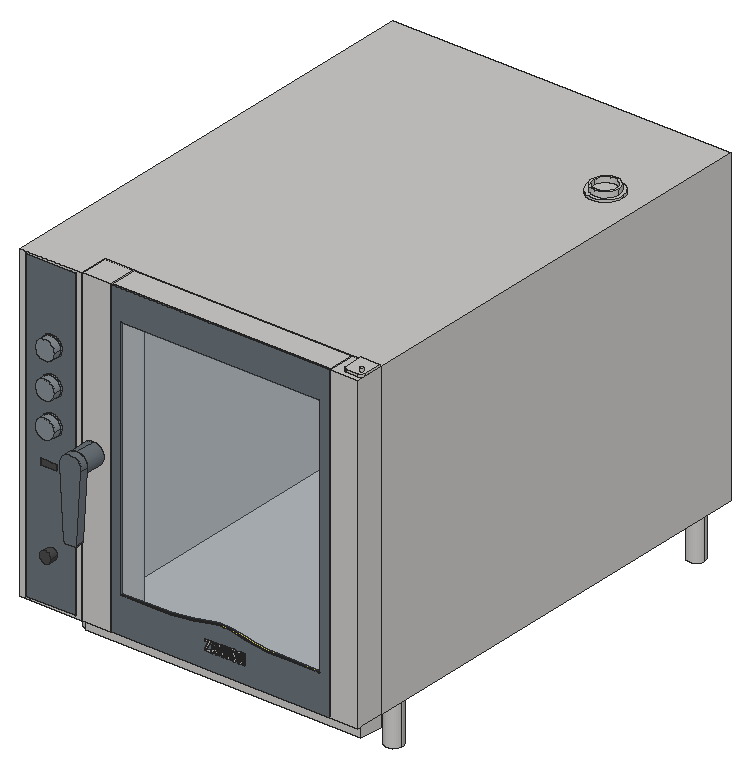
Revit family "QF_ZANUSSI_240456_ZFCE12CSDS", category Specialty Equipment, Revit 2023
Family settings
  Round Connector Dimension = Use Diameter
  Part Type = Normal
  Work Plane-Based = No
  Enable Cutting in Views = No
  Always vertical = Yes
  Cut with Voids When Loaded = No
  Maintain Annotation Orientation = No
  Shared = No
  Room Calculation Point = No
Parameters (values of type "Standard")
  Weight = 147.00 kg
  Watts = 0 W
  Volts = 380 V
  URL Manufacturer = "http://www.zanussiprofessional.com"
  URL = "http://www.zanussiprofessional.com"
  Steam Supply Size = 0 mm
  Steam Supply Minimum Pressure = 0.0 Pa
  Steam Supply Maximum Pressure = 0.0 Pa
  Steam Consumption per Hour = 0
  Show Logo [instance] = yes
  Show Clearance [instance] = yes
  Refrigeration Suction Line Size = 0 mm
  Refrigeration Liquid Line Size = 0 mm
  Refrigerant Compressor Remote = yes
  Default Elevation = 0 mm
  Manufacturer = "Zanussi"
  Phase = 3
  Model = "ZFCE12CSDS"
  Length Actual = 890 mm
  Item Number = "240456"
  Hot Water Size = 0 mm
  Height Actual = 970 mm
  HP = "32.9 HP"
  Gas Size = 12.7 mm
  Gas KW = 0
  Gas Input Pressure = 0.0585289 W
  Direct Waste Size = 25 mm
  Description = "CONVECTION OVEN CW 10 GN 2/1 - ELECTRIC"
  Depth Actual = 1215 mm
  Cycle = 50 Hz
  Condensate Return Size = 0 mm
  Compressed Air Volume = 0.0 L/s
  Compressed Air Size = 0 mm
  Compressed Air Pressure = 0.0 Pa
  Cold Water Size = 19.05 mm
  Accessory = no
Reference planes
  plane 1 "Center X": y = -61.149
  plane 2: z = 0
  plane 3 "Center Y": x = -330
  plane 4 "LEFT": x = -775
  plane 5 "BACK": y = 551.351
  plane 6 "RIGHT": x = 115
  plane 7 "FRONT": y = -673.649
  plane 8 "FeetLeft": x = -725
  plane 9: y = 501.351
  plane 10 "DoorDepth": y = -598.649
  plane 11 "FeetRight": x = 65
  plane 12 "BASE": z = 130
  plane 13 "TOP": z = 950
  plane 14: z = 0
  plane 15 "FeetFront": y = -493.649
  plane 16: z = 968
  plane 17: y = -433.649
  plane 18 "Drain_X": x = -349
  plane 19 "Drain_Y": y = 181.351
  plane 20 "EI_x": x = -675
  plane 21 "EI_y": y = -418.649
  plane 22 "CWI_x": x = -690
  plane 23: y = -1354.649
  plane 24 "CWI_y": y = -53.649
  plane 25: y = 264.351
  plane 26: x = 15
Forms (mm)
  Extrusion 1, solid, material "QF_Finishes_Stainless Steel"
    sketch origin (0, 73.5, 130) x (-1, 0, 0) y (0, -1, 0)
      loop
        circle (690, 127.149) r 13.2
    from -5 to 0
  Extrusion 2, solid, material "QF_Finishes_Stainless Steel"
    sketch origin (0, 57.5, 130) x (-1, 0, 0) y (0, -1, 0)
      loop
        circle (675, 476.149) r 13.25
    from -5 to 0
  Extrusion 3, solid, material "QF_Finishes_Stainless Steel"
    sketch origin (89, -125, 130) x (-1, 0, 0) y (0, -1, 0)
      loop
        circle (438, -306.351) r 13.25
    from -5 to 0
  Extrusion 4, solid, material "QF_Finishes_Black"
    sketch origin (0, -673.649, 77) x (-1, 0, 0) y (0, 0, 1)
      loop
        circle (691.941, 183.023) r 15
    from 0 to -20
  Extrusion 5, solid, material "QF_Finishes_Stainless Steel"
    sketch origin (15, -153.5, 130) x (-1, 0, 0) y (0, -1, 0)
      loop
        circle (705, -4.851) r 13.25
    from -5 to 0
  Extrusion 6, solid, material "QF_Finishes_Zanussi_Soft Gray"
    sketch origin (0, -673.649, -96) x (-1, 0, 0) y (0, 0, 1)
      loop
        circle (691, 845.824) r 26.676
    from 0 to -3
  Blend 7, solid, material "QF_Finishes_Zanussi_Soft Gray"
    base sketch origin (0, -673.649, -96) x (-1, 0, 0) y (0, 0, 1)
      loop
        circle (691, 845.824) r 25
    top sketch origin (0, -673.649, -96) x (-1, 0, 0) y (0, 0, 1)
      loop
        circle (691, 845.824) r 24.8
    from -3 to -23
  Extrusion 8, solid, material "QF_Finishes_Zanussi_Soft Gray"
    sketch origin (0, -673.649, -105) x (-1, 0, 0) y (0, 0, 1)
      loop
        circle (691, 760.824) r 26.676
    from 0 to -3
  Blend 9, solid, material "QF_Finishes_Zanussi_Soft Gray"
    base sketch origin (0, -673.649, -105) x (-1, 0, 0) y (0, 0, 1)
      loop
        circle (691, 760.824) r 25
    top sketch origin (0, -673.649, -105) x (-1, 0, 0) y (0, 0, 1)
      loop
        circle (691, 760.824) r 24.8
    from -3 to -23
  Extrusion 10, solid, material "QF_Finishes_Zanussi_Soft Gray"
    sketch origin (0, -673.649, 183) x (-1, 0, 0) y (0, 0, 1)
      loop
        circle (691, 380.824) r 26.676
    from 0 to -3
  Blend 11, solid, material "QF_Finishes_Zanussi_Soft Gray"
    base sketch origin (0, -673.649, 183) x (-1, 0, 0) y (0, 0, 1)
      loop
        circle (691, 380.824) r 25
    top sketch origin (0, -673.649, 183) x (-1, 0, 0) y (0, 0, 1)
      loop
        circle (691, 380.824) r 24.8
    from -3 to -23
  Extrusion 12, solid, material "QF_Finishes_Stainless Steel"
    sketch origin (0, 0, 130) x (-1, 0, 0) y (0, -1, 0)
      loop
        line (775, -551.351) -> (775, 673.649) -> (612, 673.649) -> (612, 598.649) -> (-115, 598.649) -> (-115, -551.351) -> (775, -551.351)
    from 820 to 0
  Extrusion 13, solid, material "QF_Finishes_Zanussi_Dark Gray"
    sketch origin (0, -673.649, 0) x (-1, 0, 0) y (0, 0, 1)
      loop
        line (760, 945) -> (627, 945) -> (627, 135) -> (760, 135) -> (760, 945)
      loop
        line (677.941, 475.023) -> (677.941, 460.023) -> (720.941, 460.023) -> (720.941, 475.023) -> (677.941, 475.023)
    from 0 to 5
  Extrusion 14, void
    sketch origin (0, -673.649, 0) x (-1, 0, 0) y (0, 0, 1)
      loop
        line (760, 945) -> (627, 945) -> (627, 135) -> (760, 135) -> (760, 945)
    from 0 to 5
  Extrusion 15, void
    sketch origin (0, -673.649, 0) x (-1, 0, 0) y (0, 0, 1)
      loop
        line (-87.826, 145) -> (609, 145) -> (609, 930) -> (-87.826, 930) -> (-87.826, 145)
    from 1200 to 75
  Extrusion 16, solid, material "QF_Finishes_Black"
    sketch origin (-5, -673.649, 195) x (-1, 0, 0) y (0, 0, 1)
      loop
        line (715.941, 280.023) -> (672.941, 280.023) -> (672.941, 265.023) -> (715.941, 265.023) -> (715.941, 280.023)
    from 5 to 0
  Extrusion 17, solid, material "QF_Clearances", detail levels coarse
    sketch origin (0, 0, 0) x (1, 0, 0) y (0, 1, 0)
      loop
        line (-825, -673.649) -> (-775, -673.649) -> (-775, 551.351) -> (115, 551.351) -> (115, -673.649) -> (165, -673.649) -> (165, 601.351) -> (-825, 601.351) -> (-825, -673.649)
    from 950 to 0
  Extrusion 18, solid, material "QF_Finishes_Stainless Steel"
    sketch origin (0, 0, 950) x (-1, 0, 0) y (0, -1, 0)
      loop
        circle (-15, -264.351) r 45
    from 5 to 0
  Extrusion 19, solid, material "QF_Finishes_Stainless Steel"
    sketch origin (0, 0, 950) x (-1, 0, 0) y (0, -1, 0)
      loop
        circle (-15, -264.351) r 35
      loop
        circle (-15, -264.351) r 30
    from 5 to 18
Cuts and joins
  Extrusion 14, Extrusion 15 cuts Extrusion 12
Lines and regions (mm)
  symbolic lines
    curve 1: line (-775, -673.649, 1620) -> (-775, 551.351, 1620)
    curve 2: line (-775, 551.351, 1620) -> (115, 551.351, 1620)
    curve 3: line (-612, -598.649, 1620) -> (115, -598.649, 1620)
    curve 4: line (-612, -598.649, 1620) -> (-612, -673.649, 1620)
    curve 5: line (-775, -673.649, 1620) -> (-612, -673.649, 1620)
    curve 6: line (-719.676, -676.649, 1620) -> (-665.324, -676.649, 1620)
    curve 7: line (-719.676, -676.649, 1620) -> (-719.676, -673.649, 1620)
    curve 8: line (-665.324, -676.649, 1620) -> (-665.324, -673.649, 1620)
    curve 9: line (115, 551.351, 1620) -> (115, -673.649, 1620)
    curve 10: line (-717.863, -696.649, 684) -> (-667.2, -696.649, 684)
    curve 11: line (-717.863, -696.649, 684) -> (-718, -676.649, 684)
    curve 12: line (-667.2, -696.649, 684) -> (-667, -676.649, 684)
    curve 18: circle (15, 264.351, 950) r 45 normal (0, 0, 1)
    curve 19: circle (15, 264.351, 950) r 35 normal (0, 0, 1)
    curve 20: circle (15, 264.351, 950) r 30 normal (0, 0, -1)
  symbolic lines, style "QF_Clearances", detail levels coarse
    curve 13: line (-825, -673.649, 0) -> (-825, 601.351, 0)
    curve 14: line (-825, 601.351, 0) -> (165, 601.351, 0)
    curve 15: line (165, 601.351, 0) -> (165, -673.649, 0)
    curve 16: line (165, -673.649, 0) -> (115, -673.649, 0)
    curve 17: line (-825, -673.649, 0) -> (-768.438, -673.649, 0)
Dimensions and locks
  equal spacing: plane 4 "LEFT", plane 3 "Center Y", plane 6 "RIGHT"
  equal spacing: plane 5 "BACK", plane 1 "Center X", plane 7 "FRONT"
  plane 12 "BASE" to plane 14 = 130 mm
  plane 13 "TOP" to plane 12 "BASE" = 820 mm
  plane 13 "TOP" to plane 14 = 950 mm
  plane 5 "BACK" to plane 9 = 50 mm
  plane 9 to plane 15 "FeetFront" = 995 mm
  locked: plane 15 "FeetFront" to plane 7 "FRONT" at 180
  plane 16 to plane 13 "TOP" to plane 12 "BASE" to level = 18 mm, 820 mm, 130 mm
  plane 16 to level = 968 mm
  plane 17 to plane 7 "FRONT" = 240 mm
  plane 5 "BACK" to plane 19 "Drain_Y" = 370 mm
  plane 4 "LEFT" to plane 18 "Drain_X" = 426 mm
  plane 4 "LEFT" to plane 20 "EI_x" = 100 mm
  plane 5 "BACK" to plane 21 "EI_y" = 970 mm
  plane 4 "LEFT" to plane 22 "CWI_x" = 85 mm
  plane 5 "BACK" to plane 23 = 1906 mm
  plane 5 "BACK" to plane 24 "CWI_y" = 605 mm
  locked: plane 10 "DoorDepth" to plane 7 "FRONT" at 75
  plane 8 "FeetLeft" to plane 4 "LEFT" = 50 mm
  plane 6 "RIGHT" to plane 11 "FeetRight" = 50 mm
  plane 11 "FeetRight" to plane 8 "FeetLeft" = 790 mm
  plane 5 "BACK" to plane 7 "FRONT" = 1225 mm
  plane 4 "LEFT" to plane 6 "RIGHT" = 890 mm
  plane 5 "BACK" to plane 25 = 287 mm
  plane 16 to plane 13 "TOP" = 18 mm
  plane 26 to plane 6 "RIGHT" = 100 mm
  aligned and locked: level to plane 2
  aligned and locked: plane 12 "BASE" to nested 1
  aligned and locked: plane 12 "BASE" to nested 2
  aligned and locked: plane 12 "BASE" to nested 4
  aligned and locked: plane 12 "BASE" to nested 3
  aligned and locked: nested 5 to plane 10 "DoorDepth"
  aligned and locked: nested 5 to plane 12 "BASE"
  aligned and locked: plane 6 "RIGHT" to nested 5
  aligned and locked: plane 8 "FeetLeft" to nested 4
  aligned and locked: plane 11 "FeetRight" to nested 2
  aligned and locked: plane 11 "FeetRight" to nested 3
  aligned and locked: nested 4 to plane 9
  aligned and locked: nested 3 to plane 9
  aligned and locked: plane 15 "FeetFront" to nested 1
  aligned and locked: plane 15 "FeetFront" to nested 2
Automatic sketch dimensions
  Extrusion 2 sketch curve to plane 20 "EI_x" = 0 mm
  Extrusion 2 sketch curve to plane 21 "EI_y" = 0 mm
  Extrusion 3 sketch curve to plane 18 "Drain_X" = 0 mm
  Extrusion 3 sketch curve to plane 19 "Drain_Y" = 0 mm
  plane 12 "BASE" to Extrusion 4 sketch curve = 130.023 mm
  Extrusion 6 sketch curve to plane 13 "TOP" = 200.176 mm
  Blend 7 sketch curve to plane 13 "TOP" = 200.176 mm  (x2)
  Extrusion 8 sketch curve to plane 13 "TOP" = 294.176 mm
  Blend 9 sketch curve to plane 13 "TOP" = 294.176 mm  (x2)
  plane 12 "BASE" to Extrusion 10 sketch curve = 433.824 mm
  plane 12 "BASE" to Blend 11 sketch curve = 433.824 mm  (x2)
  Extrusion 12 sketch curve to plane 5 "BACK" = 0 mm
  Extrusion 12 sketch curve to plane 6 "RIGHT" = 0 mm
  Extrusion 12 sketch curve to plane 10 "DoorDepth" = 0 mm
  Extrusion 12 sketch curve to plane 7 "FRONT" = 0 mm
  Extrusion 12 sketch curve to plane 4 "LEFT" = 0 mm
  plane 20 "EI_x" to Extrusion 12 sketch curve = 63 mm
  Extrusion 14 sketch curve to plane 13 "TOP" = 5 mm
  plane 20 "EI_x" to Extrusion 14 sketch curve = 48 mm
  Extrusion 14 sketch curve to plane 8 "FeetLeft" = 35 mm
  plane 12 "BASE" to Extrusion 14 sketch curve = 5 mm
  Extrusion 15 sketch curve to plane 13 "TOP" = 20 mm
  plane 11 "FeetRight" to Extrusion 15 sketch curve = 22.826 mm
  plane 20 "EI_x" to Extrusion 15 sketch curve = 66 mm
  plane 12 "BASE" to Extrusion 15 sketch curve = 15 mm
  Extrusion 13 sketch curve to plane 13 "TOP" = 5 mm
  plane 20 "EI_x" to Extrusion 13 sketch curve = 48 mm
  Extrusion 13 sketch curve to plane 20 "EI_x" = 2.941 mm
  plane 8 "FeetLeft" to Extrusion 13 sketch curve = 4.059 mm
  plane 4 "LEFT" to Extrusion 13 sketch curve = 15 mm
  plane 12 "BASE" to Extrusion 13 sketch curve = 345.023 mm
  Extrusion 13 sketch curve to Extrusion 13 sketch curve = 15 mm
  plane 12 "BASE" to Extrusion 13 sketch curve = 5 mm
  Extrusion 16 sketch curve to plane 20 "EI_x" = 2.941 mm
  plane 8 "FeetLeft" to Extrusion 16 sketch curve = 4.059 mm
  plane 12 "BASE" to Extrusion 16 sketch curve = 330.023 mm
  Extrusion 16 sketch curve to Extrusion 16 sketch curve = 15 mm
  curve 3 to plane 10 "DoorDepth" = 0 mm
  curve 5 to plane 7 "FRONT" = 0 mm
  curve 2 to plane 4 "LEFT" = 0 mm
  curve 1 to plane 5 "BACK" = 0 mm
  plane 20 "EI_x" to curve 3 = 63 mm
  curve 8 to plane 7 "FRONT" = 3 mm
  plane 20 "EI_x" to curve 8 = 9.676 mm
  plane 8 "FeetLeft" to curve 6 = 5.324 mm
  curve 9 to plane 6 "RIGHT" = 0 mm
  curve 9 to plane 7 "FRONT" = 0 mm
  Extrusion 17 sketch curve to plane 7 "FRONT" = 0 mm  (x2)
  Extrusion 17 sketch curve to plane 4 "LEFT" = 0 mm
  Extrusion 17 sketch curve to plane 5 "BACK" = 0 mm
  Extrusion 17 sketch curve to plane 6 "RIGHT" = 0 mm
  Extrusion 17 sketch curve to Extrusion 17 sketch curve = 50 mm
  plane 6 "RIGHT" to Extrusion 17 sketch curve = 50 mm
  plane 5 "BACK" to Extrusion 17 sketch curve = 50 mm
  Extrusion 1 sketch curve to plane 22 "CWI_x" = 0 mm
  Extrusion 1 sketch curve to plane 24 "CWI_y" = 0 mm
  plane 20 "EI_x" to curve 12 = 7.8 mm
  curve 12 to plane 7 "FRONT" = 23 mm
  curve 12 to plane 7 "FRONT" = 3 mm
  plane 20 "EI_x" to curve 12 = 8 mm
  plane 8 "FeetLeft" to curve 11 = 7.137 mm
  curve 11 to plane 7 "FRONT" = 3 mm
  plane 8 "FeetLeft" to curve 11 = 7 mm
  curve 13 to plane 7 "FRONT" = 0 mm
  curve 16 to plane 6 "RIGHT" = 0 mm
  curve 15 to plane 7 "FRONT" = 0 mm
  curve 17 to plane 4 "LEFT" = 50 mm
  plane 6 "RIGHT" to curve 15 = 50 mm
  plane 5 "BACK" to curve 13 = 50 mm
  plane 4 "LEFT" to curve 17 = 6.562 mm
  plane 1 "Center X" to Extrusion 5 sketch curve = 87.5 mm
  Extrusion 4 sketch curve to plane 22 "CWI_x" = 1.941 mm
  Extrusion 5 sketch curve to plane 22 "CWI_x" = 0 mm
  Extrusion 6 sketch curve to plane 22 "CWI_x" = 1 mm
  Blend 7 sketch curve to plane 22 "CWI_x" = 1 mm  (x2)
  Extrusion 8 sketch curve to plane 22 "CWI_x" = 1 mm
  Blend 9 sketch curve to plane 22 "CWI_x" = 1 mm  (x2)
  Extrusion 10 sketch curve to plane 22 "CWI_x" = 1 mm
  Blend 11 sketch curve to plane 22 "CWI_x" = 1 mm  (x2)
  Extrusion 18 sketch curve to plane 25 = 0 mm
  Extrusion 18 sketch curve to plane 26 = 0 mm
  Extrusion 19 sketch curve to Extrusion 19 sketch curve = 0 mm  (x2)
  Extrusion 19 sketch curve to plane 25 = 0 mm
  Extrusion 19 sketch curve to plane 26 = 0 mm
  curve 18 to curve 19 = 0 mm  (x2)
  curve 18 to curve 20 = 0 mm  (x2)
  curve 19 to curve 20 = 0 mm  (x2)
  curve 19 to plane 25 = 0 mm
  curve 19 to plane 26 = 0 mm
  radius of Extrusion 2 sketch curve = 13.25 mm
  radius of Extrusion 3 sketch curve = 13.25 mm
  radius of Extrusion 4 sketch curve = 15 mm
  radius of Extrusion 5 sketch curve = 13.25 mm
  radius of Extrusion 6 sketch curve = 26.676 mm
  radius of Blend 7 sketch curve = 25 mm
  radius of Blend 7 sketch curve = 24.8 mm
  radius of Extrusion 8 sketch curve = 26.676 mm
  radius of Blend 9 sketch curve = 25 mm
  radius of Blend 9 sketch curve = 24.8 mm
  radius of Extrusion 10 sketch curve = 26.676 mm
  radius of Blend 11 sketch curve = 25 mm
  radius of Blend 11 sketch curve = 24.8 mm
  radius of Extrusion 1 sketch curve = 13.2 mm
  radius of Extrusion 18 sketch curve = 45 mm
  radius of Extrusion 19 sketch curve = 35 mm
  radius of Extrusion 19 sketch curve = 30 mm
  radius of curve 18 = 45 mm
  radius of curve 19 = 35 mm
  radius of curve 20 = 30 mm
Nested families
  nested 1: "Foot" at (-725, -493.649, 0), type "Foot"
    with Ø 22 mm, H 130 mm
  nested 2: "Foot" at (65, -493.649, 0), type "Foot"
    with Ø 22 mm, H 130 mm
  nested 3: "Foot" at (65, 501.351, 0), type "Foot"
    with Ø 22 mm, H 130 mm
  nested 4: "Foot" at (-725, 501.351, 0), type "Foot"
    with Ø 22 mm, H 130 mm
  nested 5: "ZAN_DOOR_CROSSWISE_H820" at (115, -601.649, 0), type "ZAN_DOOR_CROSSWISE_H820"
    with Show Clearance yes
Connectors
  piping at (-349, 181.351, 125), diameter 25, driven by "Direct Waste Size"
    settings: on Extrusion 3, index 6, connector inside diameter 609.6 mm, connector length 0 mm, flow factor 0, pipe flow 0.0 L/s, pressure drop 0.0 Pa, fitting loss kfactor 0, connector angle 0.00°, fixture units 0, engagement length 0 mm, angle of deflection 0.00°, flow configuration 0, flow direction 2, fitting loss method 0, system type 16, joint type 0, gender type 0, connector reference index -1, connector utility 0, adjustable connector no, is connector primary yes, connector description "Drain"
  electrical at (-675, -418.649, 125)
    settings: on Extrusion 2, index 7, voltage 0 V, apparent load 0 VA, apparent load phase1 0 VA, apparent load phase2 0 VA, apparent load phase3 0 VA, power factor 1, load classification "Altro", number of poles 1, system type 30, power factor state 1, is connector primary yes, connector utility no, sub classification motor no, connector description "Electrical Connection"
  piping at (-690, -53.649, 125), diameter 19.05, driven by "Cold Water Size"
    settings: on Extrusion 1, index 8, connector inside diameter 609.6 mm, connector length 0 mm, flow factor 0, pipe flow 0.0 L/s, pressure drop 0.0 Pa, fitting loss kfactor 0, connector angle 0.00°, fixture units 0, engagement length 0 mm, angle of deflection 0.00°, flow configuration 0, flow direction 1, fitting loss method 0, system type 20, joint type 0, gender type 0, connector reference index -1, connector utility 0, adjustable connector no, is connector primary no, connector description "Cold Water Inlet"
Definition of nested family "Foot"
  Parameters
    Ø [instance] = 20 mm
    Default Elevation = 0 mm
    H [instance] = 50 mm
  Reference planes
    plane 1 "Centro (Fronte/Retro)": y = 0
    plane 2: z = 0
    plane 3 "Centro (Sinistra/Destra)": x = 0
    plane 4: z = 50
  Forms (mm)
    Revolve 1, solid
      sketch origin (255.05, 0, 608.09) x (0, 0, 1) y (-1, 0, 0)
        loop
          line (-608.09, 255.05) -> (-608.09, 235.05) -> (-558.09, 235.05) -> (-558.09, 255.05) -> (-608.09, 255.05)
        axis (-608.09, 255.05) -> (-558.09, 255.05)
      angle from 0 to 360
  Dimensions and locks
    "H": plane 4 to plane 2
    "Ø": Revolve 1 sketch curve to Revolve 1 sketch curve
    aligned and locked: level to plane 2
    aligned and locked: plane 4 to Revolve 1 sketch curve
    aligned and locked: Revolve 1 sketch curve to level
    aligned and locked: plane 3 "Centro (Sinistra/Destra)" to Revolve 1 sketch curve
  Automatic sketch dimensions
    Revolve 1 sketch curve to plane 3 "Centro (Sinistra/Destra)" = 0 mm
    Revolve 1 sketch curve to Revolve 1 sketch curve = 50 mm
    Revolve 1 sketch curve to Revolve 1 sketch curve = 20 mm
Definition of nested family "ZAN_DOOR_CROSSWISE_H820"
  Parameters (values of type "ZAN_DOOR_CROSSWISE_H820")
    sp_Lama = 5 mm
    Z_Maniglia = 405 mm
    W_Door = 725 mm
    Show Clearance [instance] = yes
    Default Elevation = 0 mm
    H_Feet = 130 mm
    H_FasciaTop = 75 mm
    H_Door = 820 mm
    W_fasce = 75 mm
    Direct Waste Size = 25 mm
  Reference planes
    plane 1 "Center (Front/Back)": y = 3
    plane 2: z = 0
    plane 3 "Center (Left/Right)": x = 0
    plane 4 "Top": z = 950
    plane 5 "Feet": z = 130
    plane 6 "Front": y = -72
    plane 7: z = 945
    plane 8: z = 870
    plane 9: x = -625
    plane 10: x = -75
    plane 11: x = -725
    plane 12: x = -650
    plane 13: x = -100
    plane 14: x = -649
    plane 15: x = -76
    plane 16: z = 154
    plane 17: z = 535
    plane 18: x = -697
  Forms (mm)
    Extrusion 1, solid
      sketch origin (0, -72, 0) x (0, 0, -1) y (-1, 0, 0)
        loop
          line (-950, 725) -> (-950, 650) -> (-130, 650) -> (-130, 725) -> (-950, 725)
        loop
          line (-950, 0) -> (-130, 0) -> (-130, 75) -> (-950, 75) -> (-950, 0)
      from 0 to 75
    Extrusion 2, solid
      sketch origin (0, -72, 0) x (0, 0, -1) y (-1, 0, 0)
        loop
          line (-226.277, 625) -> (-870, 625) -> (-870, 100) -> (-226.277, 100) -> (-226.277, 179.596) -> (-226.464, 194.035) -> (-226.816, 214.136)
          arc (-226.816, 214.136) -> (-227.121, 224.207) -> (-227.693, 234.266) r 381.251
          arc (-227.693, 234.266) -> (-229.438, 254.344) -> (-232.142, 274.315) r 421.149
          arc (-232.142, 274.315) -> (-235.022, 290.185) -> (-238.297, 305.979) r 647.683
          arc (-238.297, 305.979) -> (-241.149, 319.693) -> (-243.677, 333.471) r 593.178
          arc (-243.677, 333.471) -> (-244.098, 337.378) -> (-244.435, 341.294) r 181.693
          arc (-244.435, 341.294) -> (-244.748, 347.295) -> (-244.843, 353.303) r 166.118
          arc (-244.843, 353.303) -> (-244.747, 359.31) -> (-244.433, 365.309) r 166.118
          arc (-244.433, 365.309) -> (-244.097, 369.204) -> (-243.677, 373.091) r 181.693
          arc (-243.677, 373.091) -> (-241.149, 386.869) -> (-238.297, 400.583) r 593.179
          arc (-238.297, 400.583) -> (-235.025, 416.365) -> (-232.147, 432.223) r 647.683
          arc (-232.147, 432.223) -> (-229.444, 452.168) -> (-227.698, 472.219) r 421.148
          arc (-227.698, 472.219) -> (-227.123, 482.317) -> (-226.816, 492.426) r 381.251
          line (-226.816, 492.426) -> (-226.464, 512.527) -> (-226.277, 526.966) -> (-226.277, 625)
        loop
          line (-130, 76) -> (-130, 649) -> (-950, 649) -> (-950, 76) -> (-130, 76)
      from 0 to 5
    Extrusion 3, void
      sketch origin (-100, -72, 0) x (-1, 0, 0) y (0, 0, 1)
        loop
          line (288.603, 173.973) -> (303.509, 173.973) -> (303.509, 179.706) -> (295.318, 196.905) -> (302.853, 196.741) -> (302.853, 201.982) -> (288.603, 201.982) -> (288.603, 197.232) -> (297.201, 179.706) -> (288.603, 179.706) -> (288.603, 173.973)
        loop
          line (280.375, 184.456) -> (278.737, 197.195) -> (277.1, 184.456) -> (280.375, 184.456)
        loop
          line (281.849, 173.973) -> (287.746, 173.973) -> (282.669, 201.982) -> (274.806, 201.982) -> (269.565, 173.973) -> (275.461, 173.973) -> (276.281, 179.378) -> (281.031, 179.378) -> (281.849, 173.973)
        loop
          line (268.839, 201.982) -> (262.778, 201.982) -> (258.028, 184.128) -> (258.028, 201.982) -> (252.786, 201.982) -> (252.786, 173.973) -> (259.011, 173.973) -> (263.761, 192.482) -> (263.761, 173.973) -> (268.839, 173.973) -> (268.839, 201.982)
        loop
          line (251.476, 180.9) -> (251.476, 201.982) -> (245.743, 201.982) -> (245.743, 180.689)
          arc (245.743, 180.689) -> (243.81, 179.443) -> (242.303, 181.18) r 1.755
          line (242.303, 181.18) -> (242.303, 201.982) -> (236.57, 201.982) -> (236.57, 179.87)
          arc (236.57, 179.87) -> (244.469, 173.928) -> (251.476, 180.9) r 7.548
        loop
          line (225.923, 193.137) -> (225.923, 196.183)
          arc (225.923, 196.183) -> (228.232, 197.801) -> (229.849, 195.492) r 1.993
          arc (229.849, 195.492) -> (229.394, 194.205) -> (228.544, 193.137) r 4.132
          line (228.544, 193.137) -> (222.261, 187.482)
          arc (222.261, 187.482) -> (220.244, 183.234) -> (220.358, 178.532) r 10.152
          arc (220.358, 178.532) -> (226.648, 173.979) -> (234.116, 176.106) r 8.889
          arc (234.116, 176.106) -> (235.696, 179.791) -> (235.751, 183.801) r 10.311
          line (235.751, 183.801) -> (230.033, 183.801)
          arc (230.033, 183.801) -> (230.009, 183.099) -> (230.033, 182.396) r 10.165
          arc (230.033, 182.396) -> (230.059, 181.653) -> (230.033, 180.91) r 10.759
          arc (230.033, 180.91) -> (229.7, 179.855) -> (228.922, 179.068) r 2.359
          arc (228.922, 179.068) -> (226.339, 179.656) -> (226.065, 182.291) r 2.275
          arc (226.065, 182.291) -> (227.174, 183.799) -> (228.6, 185.01) r 8.056
          line (228.6, 185.01) -> (231.016, 187.151)
          arc (231.016, 187.151) -> (233.167, 189.4) -> (234.919, 191.972) r 18.895
          arc (234.919, 191.972) -> (235.183, 196.623) -> (233.05, 200.765) r 8.857
          arc (233.05, 200.765) -> (227.818, 202.471) -> (222.586, 200.765) r 8.876
          arc (222.586, 200.765) -> (220.806, 198.522) -> (220.429, 195.684) r 5.378
          line (220.429, 195.684) -> (220.518, 193.137) -> (225.923, 193.137)
        loop
          line (209.587, 193.137) -> (209.587, 196.183)
          arc (209.587, 196.183) -> (211.896, 197.801) -> (213.513, 195.492) r 1.993
          arc (213.513, 195.492) -> (213.058, 194.205) -> (212.208, 193.137) r 4.132
          line (212.208, 193.137) -> (205.924, 187.482)
          arc (205.924, 187.482) -> (203.908, 183.234) -> (204.022, 178.532) r 10.152
          arc (204.022, 178.532) -> (210.312, 173.979) -> (217.779, 176.106) r 8.889
          arc (217.779, 176.106) -> (219.36, 179.791) -> (219.415, 183.801) r 10.311
          line (219.415, 183.801) -> (213.696, 183.801)
          arc (213.696, 183.801) -> (213.672, 183.099) -> (213.696, 182.396) r 10.165
          arc (213.696, 182.396) -> (213.722, 181.653) -> (213.696, 180.91) r 10.759
          arc (213.696, 180.91) -> (213.363, 179.855) -> (212.586, 179.068) r 2.359
          arc (212.586, 179.068) -> (210.003, 179.656) -> (209.729, 182.291) r 2.275
          arc (209.729, 182.291) -> (210.837, 183.799) -> (212.264, 185.01) r 8.056
          line (212.264, 185.01) -> (214.679, 187.151)
          arc (214.679, 187.151) -> (216.83, 189.4) -> (218.583, 191.972) r 18.895
          arc (218.583, 191.972) -> (218.847, 196.623) -> (216.714, 200.765) r 8.857
          arc (216.714, 200.765) -> (211.482, 202.471) -> (206.25, 200.765) r 8.876
          arc (206.25, 200.765) -> (204.469, 198.522) -> (204.093, 195.684) r 5.378
          line (204.093, 195.684) -> (204.182, 193.137) -> (209.587, 193.137)
        loop
          line (202.992, 201.982) -> (197.259, 201.982) -> (197.259, 173.973) -> (202.992, 173.973) -> (202.992, 201.982)
      from 0 to 2
    Extrusion 4, solid
      sketch origin (0, -72, 0) x (0, 0, -1) y (-1, 0, 0)
        loop
          line (-173.973, 388.603) -> (-173.973, 403.509) -> (-179.706, 403.509) -> (-196.905, 395.318) -> (-196.741, 402.853) -> (-201.982, 402.853) -> (-201.982, 388.603) -> (-197.232, 388.603) -> (-179.706, 397.201) -> (-179.706, 388.603) -> (-173.973, 388.603)
        loop
          line (-184.456, 380.375) -> (-197.195, 378.737) -> (-184.456, 377.1) -> (-184.456, 380.375)
        loop
          line (-173.973, 381.849) -> (-173.973, 387.746) -> (-201.982, 382.669) -> (-201.982, 374.806) -> (-173.973, 369.565) -> (-173.973, 375.461) -> (-179.378, 376.281) -> (-179.378, 381.031) -> (-173.973, 381.849)
        loop
          line (-201.982, 368.839) -> (-201.982, 362.778) -> (-184.128, 358.028) -> (-201.982, 358.028) -> (-201.982, 352.786) -> (-173.973, 352.786) -> (-173.973, 359.011) -> (-192.482, 363.761) -> (-173.973, 363.761) -> (-173.973, 368.839) -> (-201.982, 368.839)
        loop
          line (-180.9, 351.476) -> (-201.982, 351.476) -> (-201.982, 345.743) -> (-180.689, 345.743)
          arc (-180.689, 345.743) -> (-179.443, 343.81) -> (-181.18, 342.303) r 1.755
          line (-181.18, 342.303) -> (-201.982, 342.303) -> (-201.982, 336.57) -> (-179.87, 336.57)
          arc (-179.87, 336.57) -> (-173.928, 344.469) -> (-180.9, 351.476) r 7.548
        loop
          line (-193.137, 325.923) -> (-196.183, 325.923)
          arc (-196.183, 325.923) -> (-197.801, 328.232) -> (-195.492, 329.849) r 1.993
          arc (-195.492, 329.849) -> (-194.205, 329.394) -> (-193.137, 328.544) r 4.132
          line (-193.137, 328.544) -> (-187.482, 322.261)
          arc (-187.482, 322.261) -> (-183.234, 320.244) -> (-178.532, 320.358) r 10.152
          arc (-178.532, 320.358) -> (-173.979, 326.648) -> (-176.106, 334.116) r 8.889
          arc (-176.106, 334.116) -> (-179.791, 335.696) -> (-183.801, 335.751) r 10.311
          line (-183.801, 335.751) -> (-183.801, 330.033)
          arc (-183.801, 330.033) -> (-183.099, 330.009) -> (-182.396, 330.033) r 10.165
          arc (-182.396, 330.033) -> (-181.653, 330.059) -> (-180.91, 330.033) r 10.759
          arc (-180.91, 330.033) -> (-179.855, 329.7) -> (-179.068, 328.922) r 2.359
          arc (-179.068, 328.922) -> (-179.656, 326.339) -> (-182.291, 326.065) r 2.275
          arc (-182.291, 326.065) -> (-183.799, 327.174) -> (-185.01, 328.6) r 8.056
          line (-185.01, 328.6) -> (-187.151, 331.016)
          arc (-187.151, 331.016) -> (-189.4, 333.167) -> (-191.972, 334.919) r 18.895
          arc (-191.972, 334.919) -> (-196.623, 335.183) -> (-200.765, 333.05) r 8.857
          arc (-200.765, 333.05) -> (-202.471, 327.818) -> (-200.765, 322.586) r 8.876
          arc (-200.765, 322.586) -> (-198.522, 320.806) -> (-195.684, 320.429) r 5.378
          line (-195.684, 320.429) -> (-193.137, 320.518) -> (-193.137, 325.923)
        loop
          line (-193.137, 309.587) -> (-196.183, 309.587)
          arc (-196.183, 309.587) -> (-197.801, 311.896) -> (-195.492, 313.513) r 1.993
          arc (-195.492, 313.513) -> (-194.205, 313.058) -> (-193.137, 312.208) r 4.132
          line (-193.137, 312.208) -> (-187.482, 305.924)
          arc (-187.482, 305.924) -> (-183.234, 303.908) -> (-178.532, 304.022) r 10.152
          arc (-178.532, 304.022) -> (-173.979, 310.312) -> (-176.106, 317.779) r 8.889
          arc (-176.106, 317.779) -> (-179.791, 319.36) -> (-183.801, 319.415) r 10.311
          line (-183.801, 319.415) -> (-183.801, 313.696)
          arc (-183.801, 313.696) -> (-183.099, 313.672) -> (-182.396, 313.696) r 10.165
          arc (-182.396, 313.696) -> (-181.653, 313.722) -> (-180.91, 313.696) r 10.759
          arc (-180.91, 313.696) -> (-179.855, 313.363) -> (-179.068, 312.586) r 2.359
          arc (-179.068, 312.586) -> (-179.656, 310.003) -> (-182.291, 309.729) r 2.275
          arc (-182.291, 309.729) -> (-183.799, 310.837) -> (-185.01, 312.264) r 8.056
          line (-185.01, 312.264) -> (-187.151, 314.679)
          arc (-187.151, 314.679) -> (-189.4, 316.83) -> (-191.972, 318.583) r 18.895
          arc (-191.972, 318.583) -> (-196.623, 318.847) -> (-200.765, 316.714) r 8.857
          arc (-200.765, 316.714) -> (-202.471, 311.482) -> (-200.765, 306.25) r 8.876
          arc (-200.765, 306.25) -> (-198.522, 304.469) -> (-195.684, 304.093) r 5.378
          line (-195.684, 304.093) -> (-193.137, 304.182) -> (-193.137, 309.587)
        loop
          line (-201.982, 302.992) -> (-201.982, 297.259) -> (-173.973, 297.259) -> (-173.973, 302.992) -> (-201.982, 302.992)
      from 0 to 2
    Extrusion 5, solid
      sketch origin (0, -72, 0) x (0, 0, -1) y (-1, 0, 0)
        loop
          line (-945, 649) -> (-945, 625) -> (-154, 625) -> (-154, 100) -> (-945, 100) -> (-945, 76) -> (-130, 76) -> (-130, 649) -> (-945, 649)
      from 5 to 75
    Extrusion 6, solid
      sketch origin (0, -72, 0) x (0, 0, -1) y (-1, 0, 0)
        loop
          line (-945, 625) -> (-945, 100) -> (-154, 100) -> (-154, 625) -> (-945, 625)
      from 75 to 70
    Extrusion 7, solid
      sketch origin (0, -72, 0) x (0, 0, -1) y (-1, 0, 0)
        loop
          line (-945, 649) -> (-950, 649) -> (-950, 76) -> (-945, 76) -> (-945, 649)
      from 5 to 75
    Extrusion 8, solid
      sketch origin (-100, -72, -17) x (-1, 0, 0) y (0, 0, 1)
        loop
          arc (608.817, 368.345) -> (612.24, 369.7) -> (613.808, 373.032) r 5
          line (613.808, 373.032) -> (624.987, 551.163)
          arc (624.987, 551.163) -> (596.54, 579.996) -> (569.055, 550.244) r 28
          line (569.055, 550.244) -> (580.194, 373.003)
          arc (580.194, 373.003) -> (581.77, 369.69) -> (585.183, 368.345) r 5
          line (585.183, 368.345) -> (608.817, 368.345)
      from -55 to -75
    Extrusion 9, solid
      sketch origin (0, -72, 0) x (0, 0, -1) y (-1, 0, 0)
        loop
          circle (-535, 697) r 28
      from 0 to -55
    Extrusion 10, solid
      sketch origin (0, 0, 0) x (0, 1, 0) y (0, 0, 1)
        loop
          line (-62, 130) -> (-62, 105) -> (3, 100.455) -> (3, 130) -> (-62, 130)
      from -725 to 0
    Extrusion 11, solid
      sketch origin (0, 0, 950) x (0, -1, 0) y (1, 0, 0)
        loop
          circle (38.919, -17.1) r 5
      from 10 to 5
    Extrusion 12, solid
      sketch origin (0, 0, 950) x (0, -1, 0) y (1, 0, 0)
        loop
          line (-3, -52.67) -> (47, -52.67)
          arc (47, -52.67) -> (54.071, -49.741) -> (57, -42.67) r 10
          line (57, -42.67) -> (57, -12.67)
          arc (57, -12.67) -> (54.071, -5.598) -> (47, -2.67) r 10
          line (47, -2.67) -> (-3, -2.67) -> (-3, -52.67)
      from 5 to 0
    Extrusion 13, solid, detail levels coarse
      sketch origin (-100, 215.149, 0) x (1, 0, 0) y (0, 1, 0)
        loop
          line (100, -972.149) -> (100, -287.149) -> (-625.004, -287.149)
          arc (-625.004, -287.149) -> (-403.591, -778.978) -> (100, -972.149) r 708.043
      from 950 to 130
    Extrusion 14, solid
      sketch origin (0, -72, 0) x (0, 0, -1) y (-1, 0, 0)
        loop
          line (-870, 625) -> (-870, 100) -> (-226.277, 100) -> (-228.887, 193.987) -> (-229.313, 214.075)
          arc (-229.313, 214.075) -> (-229.647, 224.091) -> (-230.232, 234.096) r 398.755
          arc (-230.232, 234.096) -> (-232.012, 254.045) -> (-234.745, 273.886) r 418.492
          arc (-234.745, 273.886) -> (-237.493, 288.79) -> (-240.528, 303.64) r 786.502
          arc (-240.528, 303.64) -> (-243.753, 318.136) -> (-246.344, 332.759) r 340.705
          arc (-246.344, 332.759) -> (-247.057, 338.079) -> (-247.553, 343.424) r 132.002
          arc (-247.553, 343.424) -> (-247.817, 348.358) -> (-247.896, 353.299) r 132.002
          arc (-247.896, 353.299) -> (-247.815, 358.239) -> (-247.55, 363.173) r 132.002
          arc (-247.55, 363.173) -> (-247.055, 368.5) -> (-246.344, 373.803) r 132.002
          arc (-246.344, 373.803) -> (-243.753, 388.426) -> (-240.528, 402.923) r 340.705
          arc (-240.528, 402.923) -> (-237.495, 417.76) -> (-234.749, 432.652) r 786.502
          arc (-234.749, 432.652) -> (-232.016, 452.488) -> (-230.234, 472.433) r 418.492
          arc (-230.234, 472.433) -> (-229.647, 482.454) -> (-229.313, 492.487) r 398.755
          line (-229.313, 492.487) -> (-228.887, 512.575) -> (-226.277, 625) -> (-870, 625)
      from 0 to 5
    Extrusion 15, solid
      sketch origin (0, -72, 0) x (0, 0, -1) y (-1, 0, 0)
        loop
          line (-228.887, 512.575) -> (-229.313, 492.487)
          arc (-229.313, 492.487) -> (-229.647, 482.454) -> (-230.234, 472.433) r 398.755
          arc (-230.234, 472.433) -> (-232.016, 452.488) -> (-234.749, 432.652) r 418.492
          arc (-234.749, 432.652) -> (-237.495, 417.76) -> (-240.528, 402.923) r 786.502
          arc (-240.528, 402.923) -> (-243.753, 388.426) -> (-246.344, 373.803) r 340.705
          arc (-246.344, 373.803) -> (-247.055, 368.5) -> (-247.55, 363.173) r 132.002
          arc (-247.55, 363.173) -> (-247.815, 358.239) -> (-247.896, 353.299) r 132.002
          arc (-247.896, 353.299) -> (-247.817, 348.358) -> (-247.553, 343.424) r 132.002
          arc (-247.553, 343.424) -> (-247.057, 338.079) -> (-246.344, 332.759) r 132.002
          arc (-246.344, 332.759) -> (-243.753, 318.136) -> (-240.528, 303.64) r 340.705
          arc (-240.528, 303.64) -> (-237.493, 288.79) -> (-234.745, 273.886) r 786.502
          arc (-234.745, 273.886) -> (-232.012, 254.045) -> (-230.232, 234.096) r 418.492
          arc (-230.232, 234.096) -> (-229.647, 224.091) -> (-229.313, 214.075) r 398.755
          line (-229.313, 214.075) -> (-228.887, 193.987) -> (-226.277, 100) -> (-226.277, 179.596) -> (-226.464, 194.035) -> (-226.816, 214.136)
          arc (-226.816, 214.136) -> (-227.121, 224.207) -> (-227.693, 234.266) r 381.251
          arc (-227.693, 234.266) -> (-229.438, 254.344) -> (-232.142, 274.315) r 421.149
          arc (-232.142, 274.315) -> (-235.022, 290.185) -> (-238.297, 305.979) r 647.683
          arc (-238.297, 305.979) -> (-241.149, 319.693) -> (-243.677, 333.471) r 593.178
          arc (-243.677, 333.471) -> (-244.328, 338.674) -> (-244.808, 343.895) r 159.419
          arc (-244.808, 343.895) -> (-245.055, 348.594) -> (-245.149, 353.299) r 143.741
          arc (-245.149, 353.299) -> (-245.054, 358.003) -> (-244.805, 362.702) r 143.741
          arc (-244.805, 362.702) -> (-244.326, 367.906) -> (-243.677, 373.091) r 159.42
          arc (-243.677, 373.091) -> (-241.149, 386.869) -> (-238.297, 400.583) r 593.179
          arc (-238.297, 400.583) -> (-235.025, 416.365) -> (-232.147, 432.223) r 647.683
          arc (-232.147, 432.223) -> (-229.444, 452.168) -> (-227.698, 472.219) r 421.148
          arc (-227.698, 472.219) -> (-227.123, 482.317) -> (-226.816, 492.426) r 381.251
          line (-226.816, 492.426) -> (-226.464, 512.527) -> (-226.277, 526.966) -> (-226.277, 625) -> (-228.887, 512.575)
      from 0 to 5
  Cuts and joins
    Extrusion 3 cuts Extrusion 2
  Lines and regions (mm)
    symbolic lines
      curve 1: line (-724.987, -127, 0) -> (-661.987, -127, 0)
      curve 2: line (-724.987, -147, 0) -> (-724.987, -72.467, 0)
      curve 3: line (-661.987, -147, 0) -> (-724.987, -147, 0)
      curve 4: line (-661.987, -72.467, 0) -> (-661.987, -147, 0)
      curve 5: line (-724.996, 3, 0) -> (0, 3, 0)
      curve 6: line (-724.996, -72.467, 0) -> (-724.996, 3, 0)
      curve 7: line (0, -72.467, 0) -> (-724.996, -72.467, 0)
      curve 8: line (0, 3, 0) -> (0, -72.467, 0)
      curve 9: line (-625, -72.467, 0) -> (-625, 3, 0)
      curve 10: line (-75, -72.467, 0) -> (-75, 3, 0)
      curve 11: arc (-52.67, -47, 0) -> (-49.741, -54.071, 0) -> (-42.67, -57, 0) r 10
      curve 12: line (-42.67, -57, 0) -> (-12.67, -57, 0)
      curve 13: arc (-12.67, -57, 0) -> (-5.598, -54.071, 0) -> (-2.67, -47, 0) r 10
      curve 14: line (-2.67, -47, 0) -> (-2.67, 3, 0)
      curve 15: line (-52.67, 3, 0) -> (-52.67, -47, 0)
      curve 16: circle (-17.1, -38.919, 0) r 5 normal (0, 0, 1)
      curve 17: line (0, -745.041, 0) -> (0, -72.467, 0)
      curve 18: arc (-725.004, -72, 0) -> (-503.591, -563.829, 0) -> (0, -757, 0) r 708.043
  Dimensions and locks
    plane 1 "Center (Front/Back)" to plane 6 "Front" = 75 mm
    "H_Feet": plane 5 "Feet" to level
    "H_Door": plane 4 "Top" to plane 5 "Feet"
    "sp_Lama": plane 4 "Top" to plane 7
    "H_FasciaTop": plane 7 to plane 8
    "W_fasce": plane 11 to plane 12
    "W_fasce": plane 3 "Center (Left/Right)" to plane 10
    locked: plane 14 to plane 12 at 1
    plane 15 to plane 10 = 1 mm
    locked: plane 9 to plane 14 at 24
    locked: plane 15 to plane 13 at 24
    locked: plane 16 to plane 5 "Feet" at 24
    "Z_Maniglia": plane 17 to plane 5 "Feet"
    plane 11 to plane 18 = 28 mm
    "W_Door": plane 11 to plane 3 "Center (Left/Right)"
    aligned and locked: level to plane 2
    aligned and locked: Extrusion 7 to plane 7
    aligned and locked: plane 7 to Extrusion 6
    aligned and locked: plane 7 to Extrusion 5  (x2)
    aligned and locked: Extrusion 1 to plane 4 "Top"  (x2)
    aligned and locked: Extrusion 13 to plane 4 "Top"
    aligned and locked: Extrusion 7 to plane 4 "Top"
    aligned and locked: cut or joined group of Extrusion 2, Extrusion 3 to plane 4 "Top"
    aligned and locked: cut or joined group of Extrusion 2, Extrusion 3 to plane 8
    aligned and locked: plane 5 "Feet" to Extrusion 5
    aligned and locked: plane 5 "Feet" to Extrusion 13
    aligned and locked: plane 5 "Feet" to Extrusion 1  (x2)
    aligned and locked: plane 5 "Feet" to cut or joined group of Extrusion 2, Extrusion 3
    aligned and locked: Extrusion 5 to plane 14
    aligned and locked: plane 9 to Extrusion 5
    aligned and locked: plane 15 to Extrusion 5
    aligned and locked: Extrusion 5 to plane 13
    aligned and locked: Extrusion 1 to plane 11
    aligned and locked: plane 3 "Center (Left/Right)" to Extrusion 1
    aligned and locked: plane 12 to Extrusion 1
    aligned and locked: Extrusion 1 to plane 10
    aligned and locked: plane 16 to Extrusion 5
    aligned and locked: Extrusion 6 to plane 16
    aligned and locked: plane 3 "Center (Left/Right)" to Extrusion 10
    aligned and locked: plane 9 to cut or joined group of Extrusion 2, Extrusion 3
    aligned and locked: cut or joined group of Extrusion 2, Extrusion 3 to plane 13
    aligned and locked: plane 11 to Extrusion 10
    aligned and locked: Extrusion 14 sketch curve to plane 8
    aligned and locked: Extrusion 14 sketch curve to plane 9
    aligned and locked: Extrusion 14 sketch curve to plane 13
  Automatic sketch dimensions
    Extrusion 9 sketch curve to plane 17 = 0 mm
    Extrusion 9 sketch curve to plane 18 = 0 mm
    Extrusion 1 sketch curve to plane 4 "Top" = 0 mm  (x2)
    Extrusion 1 sketch curve to plane 3 "Center (Left/Right)" = 0 mm
    Extrusion 1 sketch curve to plane 5 "Feet" = 0 mm  (x2)
    plane 10 to Extrusion 1 sketch curve = 0 mm
    plane 12 to Extrusion 1 sketch curve = 0 mm
    plane 11 to Extrusion 1 sketch curve = 0 mm
    plane 16 to Extrusion 3 sketch curve = 47.982 mm  (x3)
    plane 13 to Extrusion 3 sketch curve = 197.259 mm
    Extrusion 3 sketch curve to Extrusion 3 sketch curve = 4.888 mm
    Extrusion 3 sketch curve to Extrusion 3 sketch curve = 5.704 mm
    Extrusion 3 sketch curve to Extrusion 3 sketch curve = 0.845 mm
    plane 16 to Extrusion 3 sketch curve = 41.684 mm  (x2)
    Extrusion 3 sketch curve to Extrusion 3 sketch curve = 1.947 mm  (x2)
    plane 16 to Extrusion 3 sketch curve = 39.137 mm  (x4)
    Extrusion 3 sketch curve to Extrusion 3 sketch curve = 0.089 mm  (x2)
    plane 16 to Extrusion 3 sketch curve = 33.482 mm  (x2)
    Extrusion 3 sketch curve to Extrusion 3 sketch curve = 1.743 mm
    Extrusion 3 sketch curve to Extrusion 3 sketch curve = 6.311 mm
    Extrusion 3 sketch curve to Extrusion 3 sketch curve = 5.327 mm  (x2)
    Extrusion 3 sketch curve to Extrusion 3 sketch curve = 0.024 mm  (x2)
    Extrusion 3 sketch curve to Extrusion 3 sketch curve = 0.143 mm  (x2)
    Extrusion 3 sketch curve to Extrusion 3 sketch curve = 0.597 mm  (x2)
    Extrusion 3 sketch curve to Extrusion 3 sketch curve = 2.07 mm  (x2)
    Extrusion 3 sketch curve to Extrusion 3 sketch curve = 1.298 mm  (x2)
    Extrusion 3 sketch curve to Extrusion 3 sketch curve = 1.366 mm  (x2)
    Extrusion 3 sketch curve to Extrusion 3 sketch curve = 0.362 mm  (x2)
    Extrusion 3 sketch curve to Extrusion 3 sketch curve = 0.15 mm  (x2)
    Extrusion 3 sketch curve to Extrusion 3 sketch curve = 0.726 mm  (x3)
    plane 16 to Extrusion 3 sketch curve = 31.01 mm  (x2)
    Extrusion 3 sketch curve to Extrusion 3 sketch curve = 0.409 mm  (x2)
    Extrusion 3 sketch curve to Extrusion 3 sketch curve = 1.432 mm  (x2)
    Extrusion 3 sketch curve to Extrusion 3 sketch curve = 2.132 mm  (x2)
    plane 16 to Extrusion 3 sketch curve = 33.151 mm  (x2)
    Extrusion 3 sketch curve to Extrusion 3 sketch curve = 2.415 mm  (x2)
    Extrusion 3 sketch curve to Extrusion 3 sketch curve = 2.892 mm  (x2)
    Extrusion 3 sketch curve to Extrusion 3 sketch curve = 6.932 mm
    Extrusion 3 sketch curve to Extrusion 3 sketch curve = 2.57 mm
    Extrusion 3 sketch curve to Extrusion 3 sketch curve = 0.116 mm
    Extrusion 3 sketch curve to Extrusion 3 sketch curve = 2.846 mm
    Extrusion 3 sketch curve to Extrusion 3 sketch curve = 4.422 mm  (x2)
    Extrusion 3 sketch curve to Extrusion 3 sketch curve = 1.773 mm
    Extrusion 3 sketch curve to Extrusion 3 sketch curve = 5.719 mm
    Extrusion 3 sketch curve to Extrusion 3 sketch curve = 3.505 mm
    Extrusion 3 sketch curve to Extrusion 3 sketch curve = 5.733 mm  (x3)
    Extrusion 3 sketch curve to Extrusion 3 sketch curve = 1.646 mm
    Extrusion 3 sketch curve to Extrusion 3 sketch curve = 0.109 mm
    Extrusion 3 sketch curve to Extrusion 3 sketch curve = 3.44 mm
    Extrusion 3 sketch curve to Extrusion 3 sketch curve = 1.311 mm
    Extrusion 3 sketch curve to Extrusion 3 sketch curve = 5.241 mm  (x2)
    Extrusion 3 sketch curve to Extrusion 3 sketch curve = 6.224 mm
    Extrusion 3 sketch curve to Extrusion 3 sketch curve = 4.75 mm  (x3)
    Extrusion 3 sketch curve to Extrusion 3 sketch curve = 6.061 mm
    plane 16 to Extrusion 3 sketch curve = 19.973 mm  (x2)
    Extrusion 3 sketch curve to Extrusion 3 sketch curve = 5.967 mm
    Extrusion 3 sketch curve to Extrusion 3 sketch curve = 5.897 mm  (x2)
    Extrusion 3 sketch curve to Extrusion 3 sketch curve = 0.819 mm  (x4)
    plane 16 to Extrusion 3 sketch curve = 43.195 mm
    Extrusion 3 sketch curve to Extrusion 3 sketch curve = 3.931 mm  (x2)
    Extrusion 3 sketch curve to Extrusion 3 sketch curve = 3.276 mm
    Extrusion 3 sketch curve to Extrusion 3 sketch curve = 0.856 mm
    plane 16 to Extrusion 3 sketch curve = 43.232 mm
    Extrusion 3 sketch curve to Extrusion 3 sketch curve = 5.934 mm
    plane 16 to Extrusion 3 sketch curve = 42.905 mm
    Extrusion 3 sketch curve to Extrusion 3 sketch curve = 6.716 mm
    plane 16 to Extrusion 3 sketch curve = 25.706 mm
    Extrusion 3 sketch curve to Extrusion 3 sketch curve = 8.598 mm
    plane 16 to Extrusion 3 sketch curve = 42.741 mm
    Extrusion 3 sketch curve to Extrusion 3 sketch curve = 7.535 mm
    Extrusion 3 sketch curve to Extrusion 3 sketch curve = 6.308 mm
    Extrusion 3 sketch curve to Extrusion 3 sketch curve = 0 mm  (x12)
    Extrusion 3 sketch curve to Extrusion 3 sketch curve = 13.509 mm
    Extrusion 3 sketch curve to Extrusion 3 sketch curve = 6.705 mm  (x2)
    Extrusion 3 sketch curve to Extrusion 3 sketch curve = 5.405 mm
    Extrusion 3 sketch curve to Extrusion 3 sketch curve = 1.565 mm
    Extrusion 3 sketch curve to Extrusion 3 sketch curve = 0.211 mm
    Extrusion 3 sketch curve to Extrusion 3 sketch curve = 3.938 mm  (x2)
    Extrusion 3 sketch curve to Extrusion 3 sketch curve = 0.05 mm  (x2)
    Extrusion 3 sketch curve to Extrusion 3 sketch curve = 0.093 mm  (x2)
    Extrusion 3 sketch curve to Extrusion 3 sketch curve = 5.829 mm
    Extrusion 3 sketch curve to Extrusion 3 sketch curve = 3.348 mm
    Extrusion 3 sketch curve to Extrusion 3 sketch curve = 0.356 mm  (x2)
    Extrusion 3 sketch curve to Extrusion 3 sketch curve = 1.568 mm  (x2)
    Extrusion 3 sketch curve to Extrusion 3 sketch curve = 1.163 mm
    Extrusion 3 sketch curve to Extrusion 3 sketch curve = 1.919 mm
    Extrusion 3 sketch curve to Extrusion 3 sketch curve = 2.148 mm
    Extrusion 3 sketch curve to Extrusion 3 sketch curve = 1.209 mm
    Extrusion 3 sketch curve to Extrusion 3 sketch curve = 3.228 mm
    Extrusion 3 sketch curve to Extrusion 3 sketch curve = 5.078 mm
    Extrusion 3 sketch curve to Extrusion 3 sketch curve = 9.5 mm
    Extrusion 3 sketch curve to Extrusion 3 sketch curve = 0.458 mm  (x2)
    Extrusion 3 sketch curve to Extrusion 3 sketch curve = 1.645 mm  (x2)
    Extrusion 3 sketch curve to Extrusion 3 sketch curve = 1.056 mm  (x2)
    Extrusion 3 sketch curve to Extrusion 3 sketch curve = 1.401 mm  (x2)
    Extrusion 3 sketch curve to Extrusion 3 sketch curve = 0.025 mm  (x2)
    Extrusion 3 sketch curve to Extrusion 3 sketch curve = 0.212 mm  (x2)
    Extrusion 3 sketch curve to Extrusion 3 sketch curve = 0.525 mm
    Extrusion 3 sketch curve to Extrusion 3 sketch curve = 0.692 mm
    Extrusion 3 sketch curve to Extrusion 3 sketch curve = 1.059 mm  (x2)
    Extrusion 3 sketch curve to Extrusion 3 sketch curve = 0.88 mm  (x2)
    Extrusion 3 sketch curve to Extrusion 3 sketch curve = 1.769 mm
    Extrusion 3 sketch curve to Extrusion 3 sketch curve = 3.52 mm
    plane 16 to Extrusion 4 sketch curve = 47.982 mm  (x2)
    Extrusion 4 sketch curve to Extrusion 4 sketch curve = 0 mm  (x16)
    Extrusion 4 sketch curve to Extrusion 4 sketch curve = 0.692 mm  (x2)
    Extrusion 4 sketch curve to Extrusion 4 sketch curve = 4.75 mm  (x5)
    Extrusion 4 sketch curve to Extrusion 4 sketch curve = 4.787 mm
    Extrusion 4 sketch curve to Extrusion 4 sketch curve = 0.328 mm
    Extrusion 4 sketch curve to Extrusion 4 sketch curve = 5.241 mm  (x2)
    Extrusion 4 sketch curve to Extrusion 4 sketch curve = 4.87 mm
    Extrusion 4 sketch curve to Extrusion 4 sketch curve = 5.561 mm
    Extrusion 4 sketch curve to Extrusion 4 sketch curve = 0.212 mm  (x2)
    Extrusion 4 sketch curve to Extrusion 4 sketch curve = 0.025 mm  (x2)
    Extrusion 4 sketch curve to Extrusion 4 sketch curve = 0.346 mm  (x2)
    Extrusion 4 sketch curve to Extrusion 4 sketch curve = 0.525 mm  (x3)
    Extrusion 4 sketch curve to Extrusion 4 sketch curve = 1.401 mm  (x2)
    Extrusion 4 sketch curve to Extrusion 4 sketch curve = 1.186 mm  (x2)
    Extrusion 4 sketch curve to Extrusion 4 sketch curve = 2.546 mm  (x2)
    Extrusion 4 sketch curve to Extrusion 4 sketch curve = 0.458 mm  (x2)
    Extrusion 4 sketch curve to Extrusion 4 sketch curve = 9.5 mm
    Extrusion 4 sketch curve to Extrusion 4 sketch curve = 5.655 mm  (x2)
    Extrusion 4 sketch curve to Extrusion 4 sketch curve = 5.986 mm  (x2)
    Extrusion 4 sketch curve to Extrusion 4 sketch curve = 2.141 mm  (x2)
    Extrusion 4 sketch curve to Extrusion 4 sketch curve = 12.739 mm
    Extrusion 4 sketch curve to Extrusion 4 sketch curve = 8.354 mm
    Extrusion 4 sketch curve to Extrusion 4 sketch curve = 3.681 mm
    Extrusion 4 sketch curve to Extrusion 4 sketch curve = 1.209 mm
    Extrusion 4 sketch curve to Extrusion 4 sketch curve = 0.702 mm  (x2)
    Extrusion 4 sketch curve to Extrusion 4 sketch curve = 1.067 mm  (x2)
    Extrusion 4 sketch curve to Extrusion 4 sketch curve = 0.798 mm
    Extrusion 4 sketch curve to Extrusion 4 sketch curve = 1.163 mm
    Extrusion 4 sketch curve to Extrusion 4 sketch curve = 0.282 mm
    Extrusion 4 sketch curve to Extrusion 4 sketch curve = 2.148 mm
    Extrusion 4 sketch curve to Extrusion 4 sketch curve = 1.642 mm
    Extrusion 4 sketch curve to Extrusion 4 sketch curve = 0.277 mm
    Extrusion 4 sketch curve to Extrusion 4 sketch curve = 1.568 mm  (x2)
    Extrusion 4 sketch curve to Extrusion 4 sketch curve = 0.043 mm  (x2)
    Extrusion 4 sketch curve to Extrusion 4 sketch curve = 0.093 mm  (x2)
    Extrusion 4 sketch curve to Extrusion 4 sketch curve = 3.228 mm
    Extrusion 4 sketch curve to Extrusion 4 sketch curve = 0.491 mm
    Extrusion 4 sketch curve to Extrusion 4 sketch curve = 3.931 mm  (x3)
    Extrusion 4 sketch curve to Extrusion 4 sketch curve = 5.078 mm
    Extrusion 4 sketch curve to Extrusion 4 sketch curve = 2.818 mm
    Extrusion 4 sketch curve to Extrusion 4 sketch curve = 1.565 mm
    Extrusion 4 sketch curve to Extrusion 4 sketch curve = 5.405 mm
    Extrusion 4 sketch curve to Extrusion 4 sketch curve = 5.733 mm  (x3)
    Extrusion 4 sketch curve to Extrusion 4 sketch curve = 7.68 mm
    plane 13 to Extrusion 4 sketch curve = 197.259 mm
    Extrusion 4 sketch curve to Extrusion 4 sketch curve = 4.888 mm
    Extrusion 4 sketch curve to Extrusion 4 sketch curve = 5.704 mm
    Extrusion 4 sketch curve to Extrusion 4 sketch curve = 0.845 mm
    Extrusion 4 sketch curve to Extrusion 4 sketch curve = 1.947 mm  (x2)
    Extrusion 4 sketch curve to Extrusion 4 sketch curve = 0.089 mm  (x2)
    Extrusion 4 sketch curve to Extrusion 4 sketch curve = 1.743 mm
    Extrusion 4 sketch curve to Extrusion 4 sketch curve = 6.311 mm
    Extrusion 4 sketch curve to Extrusion 4 sketch curve = 5.327 mm  (x2)
    Extrusion 4 sketch curve to Extrusion 4 sketch curve = 0.024 mm  (x2)
    Extrusion 4 sketch curve to Extrusion 4 sketch curve = 0.143 mm  (x2)
    Extrusion 4 sketch curve to Extrusion 4 sketch curve = 0.597 mm  (x2)
    Extrusion 4 sketch curve to Extrusion 4 sketch curve = 2.07 mm  (x2)
    Extrusion 4 sketch curve to Extrusion 4 sketch curve = 1.298 mm  (x2)
    Extrusion 4 sketch curve to Extrusion 4 sketch curve = 1.366 mm  (x2)
    Extrusion 4 sketch curve to Extrusion 4 sketch curve = 0.362 mm  (x2)
    Extrusion 4 sketch curve to Extrusion 4 sketch curve = 0.15 mm  (x2)
    Extrusion 4 sketch curve to Extrusion 4 sketch curve = 0.726 mm  (x3)
    Extrusion 4 sketch curve to Extrusion 4 sketch curve = 0.409 mm  (x2)
    Extrusion 4 sketch curve to Extrusion 4 sketch curve = 1.432 mm  (x2)
    Extrusion 4 sketch curve to Extrusion 4 sketch curve = 2.132 mm  (x2)
    Extrusion 4 sketch curve to Extrusion 4 sketch curve = 2.415 mm  (x2)
    Extrusion 4 sketch curve to Extrusion 4 sketch curve = 2.892 mm  (x2)
    Extrusion 4 sketch curve to Extrusion 4 sketch curve = 4.969 mm
    Extrusion 4 sketch curve to Extrusion 4 sketch curve = 2.57 mm
    Extrusion 4 sketch curve to Extrusion 4 sketch curve = 0.116 mm
    Extrusion 4 sketch curve to Extrusion 4 sketch curve = 2.846 mm
    Extrusion 4 sketch curve to Extrusion 4 sketch curve = 4.422 mm  (x2)
    Extrusion 4 sketch curve to Extrusion 4 sketch curve = 1.773 mm
    Extrusion 4 sketch curve to Extrusion 4 sketch curve = 5.719 mm
    Extrusion 4 sketch curve to Extrusion 4 sketch curve = 3.505 mm
    Extrusion 4 sketch curve to Extrusion 4 sketch curve = 1.646 mm
    Extrusion 4 sketch curve to Extrusion 4 sketch curve = 0.109 mm
    Extrusion 4 sketch curve to Extrusion 4 sketch curve = 1.311 mm
    Extrusion 4 sketch curve to Extrusion 4 sketch curve = 6.224 mm
    Extrusion 4 sketch curve to Extrusion 4 sketch curve = 6.061 mm
    Extrusion 4 sketch curve to Extrusion 4 sketch curve = 5.967 mm
    Extrusion 4 sketch curve to Extrusion 4 sketch curve = 5.897 mm  (x2)
    Extrusion 4 sketch curve to Extrusion 4 sketch curve = 0.819 mm  (x3)
    Extrusion 4 sketch curve to Extrusion 4 sketch curve = 3.276 mm
    Extrusion 4 sketch curve to Extrusion 4 sketch curve = 0.856 mm
    Extrusion 4 sketch curve to Extrusion 4 sketch curve = 5.934 mm
    Extrusion 4 sketch curve to Extrusion 4 sketch curve = 6.716 mm
    Extrusion 4 sketch curve to Extrusion 4 sketch curve = 8.598 mm
    Extrusion 4 sketch curve to Extrusion 4 sketch curve = 7.535 mm
    Extrusion 4 sketch curve to Extrusion 4 sketch curve = 6.308 mm
    Extrusion 4 sketch curve to Extrusion 4 sketch curve = 1.217 mm
    Extrusion 4 sketch curve to Extrusion 4 sketch curve = 3.121 mm  (x2)
    Extrusion 5 sketch curve to plane 7 = 0 mm  (x2)
    Extrusion 5 sketch curve to plane 9 = 0 mm
    Extrusion 5 sketch curve to plane 16 = 0 mm
    Extrusion 5 sketch curve to plane 5 "Feet" = 0 mm
    plane 15 to Extrusion 5 sketch curve = 0 mm
    plane 13 to Extrusion 5 sketch curve = 0 mm
    plane 14 to Extrusion 5 sketch curve = 0 mm
    Extrusion 6 sketch curve to plane 7 = 0 mm
    Extrusion 6 sketch curve to plane 9 = 0 mm
    Extrusion 6 sketch curve to plane 16 = 0 mm
    plane 13 to Extrusion 6 sketch curve = 0 mm
    Extrusion 7 sketch curve to plane 4 "Top" = 0 mm
    Extrusion 7 sketch curve to plane 7 = 0 mm
    plane 15 to Extrusion 7 sketch curve = 0 mm
    Extrusion 7 sketch curve to plane 14 = 0 mm
    plane 5 "Feet" to Extrusion 10 sketch curve = 0 mm
    Extrusion 10 sketch curve to plane 1 "Center (Front/Back)" = 0 mm
    plane 6 "Front" to Extrusion 10 sketch curve = 10 mm
    Extrusion 10 sketch curve to Extrusion 10 sketch curve = 25 mm
    Extrusion 10 sketch curve to Extrusion 10 sketch curve = 29.545 mm
    plane 6 "Front" to Extrusion 11 sketch curve = 33.081 mm
    Extrusion 11 sketch curve to plane 3 "Center (Left/Right)" = 17.1 mm
    plane 1 "Center (Front/Back)" to Extrusion 12 sketch curve = 0 mm
    Extrusion 12 sketch curve to plane 3 "Center (Left/Right)" = 2.67 mm
    plane 6 "Front" to Extrusion 12 sketch curve = 25 mm  (x2)
    Extrusion 12 sketch curve to Extrusion 12 sketch curve = 10 mm
    Extrusion 12 sketch curve to Extrusion 12 sketch curve = 30 mm
    Extrusion 14 sketch curve to Extrusion 14 sketch curve = 0 mm  (x10)
    Extrusion 14 sketch curve to plane 4 "Top" = 59.547 mm  (x2)
    Extrusion 14 sketch curve to Extrusion 14 sketch curve = 19.857 mm  (x2)
    plane 16 to Extrusion 14 sketch curve = 75.313 mm  (x2)
    Extrusion 14 sketch curve to Extrusion 14 sketch curve = 0.426 mm  (x2)
    plane 16 to Extrusion 14 sketch curve = 72.277 mm  (x2)
    plane 5 "Feet" to Extrusion 14 sketch curve = 14.106 mm
